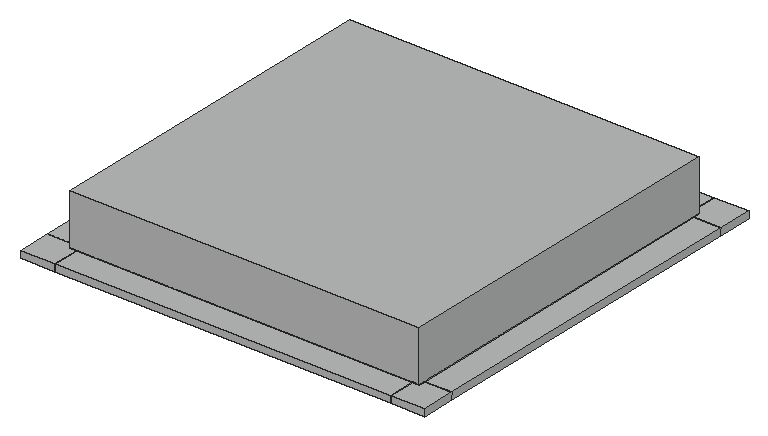
Revit family "ALUMOGIPS", category Осветительные приборы, Revit 2019 (continued)
Types (72, lengths in mm): name | Файл фотометрической сетки | built-in parameter 1150105 | Lumens | built-in parameter 1150106 | built-in parameter 1150142 | Wattage | Emit from Rectangle Width | Emit from Rectangle Length | Длина | Материал светильника | Ширина | ADSK_Ток | ADSK_Полная мощность | ADSK_Обозначение | ADSK_Номинальная мощность | ADSK_Наименование | ADSK_Масса | ADSK_Код изделия
  Alumogips-38/opal-sand 610х610 (IP40, 4000К, серый, грильято) c БАП на 3 часа | "Светильник ALUMOGIPS-38 OPAL-SAND-(610x610).IES" | 302.39 (stored number, unit not read) | 3800 lm | 3.0239 (stored number, unit not read) | "IESNA:LM-63-95\r\n[TEST] Протокол № 50-12 \r\n[DATA] 20.06.2016\r\n[MORE] \r\n[MANUFAC] ЗАО \"Центрстройсвет\"\r\n[LUMCAT]  Светильник ALUMOGIPS-38/OPAL-SAND-(610x610)\r\n[LUMINAIRE]\r\n[LAMPCAT] Светодиоды\r\n[LAMP] Поток источника света (светодиодов) не известен\r\n[MORE] КСС приведена в абсолютных величинах кд\r\n[MORE] Вместо потока лампы, указан поток светильника.\r\nTILT=NONE\r\n1    3750 1.0 37 73 1 2 0.61 0.61 0.04\r\n1.0 1.0 38.7\r\n0.0 5.0 10.0 15.0 20.0 25.0 30.0 35.0 40.0 45.0 50.0 55.0 60.0 65.0 70.0 75.0 80.0 85.0 90.0 95.0 100.0 105.0 110.0 115.0 120.0 125.0 130.0 135.0 140.0 145.0 150.0 155.0 160.0 165.0 170.0 175.0 180.0\r\n0.0 5.0 10.0 15.0 20.0 25.0 30.0 35.0 40.0 45.0 50.0 55.0 60.0 65.0 70.0 75.0 80.0 85.0 90.0 95.0 100.0 105.0 110.0 115.0 120.0 125.0 130.0 135.0 140.0 145.0 150.0 155.0 160.0 165.0 170.0 175.0 180.0 185.0 190.0 195.0 200.0 205.0 210.0 215.0 220.0 225.0 230.0 235.0 240.0 245.0 250.0 255.0 260.0 265.0 270.0 275.0 280.0 285.0 290.0 295.0 300.0 305.0 310.0 315.0 320.0 325.0 330.0 335.0 340.0 345.0 350.0 355.0 360.0\r\n1391.4 1390.6 1365.7 1330.6 1277.5 1214.9 1147.5 1059.6 967.6 873.2 772.4 664.9 556.3 449.1 342.7 240.6 147.1 64.2 4.7 0.0 0.0 0.0 0.0 0.0 0.0 0.0 0.0 0.0 0.0 0.0 0.0 0.0 0.0 0.0 0.0 0.0 0.0\r\n1391.4 1390.5 1367.8 1332.7 1284.3 1221.3 1147.0 1062.1 969.2 872.4 773.2 666.3 557.1 450.1 343.8 241.9 146.9 64.7 5.2 0.0 0.0 0.0 0.0 0.0 0.0 0.0 0.0 0.0 0.0 0.0 0.0 0.0 0.0 0.0 0.0 0.0 0.0\r\n1391.4 1390.2 1372.0 1333.3 1277.3 1216.8 1144.5 1057.4 969.6 875.1 773.8 669.5 560.0 454.6 345.8 242.4 148.5 65.8 5.4 0.0 0.0 0.0 0.0 0.0 0.0 0.0 0.0 0.0 0.0 0.0 0.0 0.0 0.0 0.0 0.0 0.0 0.0\r\n1391.4 1389.8 1371.2 1330.7 1279.5 1220.5 1148.3 1059.9 967.7 873.2 767.5 666.8 561.4 453.0 347.1 243.7 149.9 65.6 5.8 0.0 0.0 0.0 0.0 0.0 0.0 0.0 0.0 0.0 0.0 0.0 0.0 0.0 0.0 0.0 0.0 0.0 0.0\r\n1391.4 1389.8 1368.3 1329.3 1285.0 1214.6 1141.1 1058.7 971.8 871.3 775.2 666.9 559.4 452.6 345.8 242.5 150.0 65.8 6.1 0.0 0.0 0.0 0.0 0.0 0.0 0.0 0.0 0.0 0.0 0.0 0.0 0.0 0.0 0.0 0.0 0.0 0.0\r\n1391.4 1390.5 1367.3 1332.3 1281.7 1219.0 1142.8 1064.6 970.5 874.4 772.1 667.5 560.2 453.0 346.2 241.8 149.4 65.7 5.6 0.0 0.0 0.0 0.0 0.0 0.0 0.0 0.0 0.0 0.0 0.0 0.0 0.0 0.0 0.0 0.0 0.0 0.0\r\n1391.4 1391.4 1368.1 1333.5 1277.3 1215.7 1139.0 1059.6 968.1 872.4 771.6 667.4 558.8 453.3 344.3 243.9 148.4 65.7 5.4 0.0 0.0 0.0 0.0 0.0 0.0 0.0 0.0 0.0 0.0 0.0 0.0 0.0 0.0 0.0 0.0 0.0 0.0\r\n1391.4 1391.7 1368.1 1330.4 1278.2 1213.9 1142.4 1061.6 967.4 875.1 772.0 669.3 561.1 452.5 345.2 242.1 148.3 65.4 5.5 0.0 0.0 0.0 0.0 0.0 0.0 0.0 0.0 0.0 0.0 0.0 0.0 0.0 0.0 0.0 0.0 0.0 0.0\r\n1391.4 1391.5 1371.0 1328.4 1278.5 1216.7 1142.1 1061.2 971.8 874.7 772.1 668.9 560.8 452.9 345.4 243.3 147.7 66.0 5.4 0.0 0.0 0.0 0.0 0.0 0.0 0.0 0.0 0.0 0.0 0.0 0.0 0.0 0.0 0.0 0.0 0.0 0.0\r\n1391.4 1391.5 1373.2 1330.5 1277.3 1215.5 1143.2 1063.6 967.0 872.7 772.2 669.4 558.9 453.2 346.6 241.9 148.1 65.2 5.5 0.0 0.0 0.0 0.0 0.0 0.0 0.0 0.0 0.0 0.0 0.0 0.0 0.0 0.0 0.0 0.0 0.0 0.0\r\n1391.4 1391.4 1369.7 1328.3 1281.3 1216.0 1139.8 1057.9 968.7 875.3 773.9 667.6 561.8 454.0 344.0 243.1 147.2 65.6 5.5 0.0 0.0 0.0 0.0 0.0 0.0 0.0 0.0 0.0 0.0 0.0 0.0 0.0 0.0 0.0 0.0 0.0 0.0\r\n1391.4 1390.5 1367.9 1330.1 1278.1 1218.1 1138.9 1061.0 970.0 871.8 770.4 669.3 560.2 453.4 346.9 242.1 148.3 65.2 5.2 0.0 0.0 0.0 0.0 0.0 0.0 0.0 0.0 0.0 0.0 0.0 0.0 0.0 0.0 0.0 0.0 0.0 0.0\r\n1391.4 1389.3 1368.2 1329.1 1280.8 1214.4 1142.5 1059.2 967.2 874.3 772.4 668.0 563.1 452.3 345.7 242.8 146.8 64.9 5.1 0.0 0.0 0.0 0.0 0.0 0.0 0.0 0.0 0.0 0.0 0.0 0.0 0.0 0.0 0.0 0.0 0.0 0.0\r\n1391.4 1388.6 1367.4 1327.8 1278.0 1215.7 1141.0 1061.0 971.5 877.3 771.2 667.3 561.5 453.0 346.4 242.4 146.3 64.8 5.2 0.0 0.0 0.0 0.0 0.0 0.0 0.0 0.0 0.0 0.0 0.0 0.0 0.0 0.0 0.0 0.0 0.0 0.0\r\n1391.4 1388.0 1367.6 1326.7 1278.3 1218.0 1140.9 1061.5 968.4 873.4 770.1 666.6 562.1 454.6 344.8 241.8 146.4 64.0 5.5 0.0 0.0 0.0 0.0 0.0 0.0 0.0 0.0 0.0 0.0 0.0 0.0 0.0 0.0 0.0 0.0 0.0 0.0\r\n1391.4 1387.2 1366.1 1331.0 1281.4 1216.3 1142.7 1059.1 969.4 871.5 772.2 667.3 560.5 453.0 344.4 242.2 146.4 63.8 5.6 0.0 0.0 0.0 0.0 0.0 0.0 0.0 0.0 0.0 0.0 0.0 0.0 0.0 0.0 0.0 0.0 0.0 0.0\r\n1391.4 1387.1 1366.3 1328.7 1276.9 1214.5 1141.2 1059.3 968.4 874.3 775.5 668.3 562.5 454.9 346.4 241.3 146.2 63.5 5.7 0.0 0.0 0.0 0.0 0.0 0.0 0.0 0.0 0.0 0.0 0.0 0.0 0.0 0.0 0.0 0.0 0.0 0.0\r\n1391.4 1388.4 1366.0 1329.7 1279.2 1217.9 1140.0 1060.5 969.0 873.9 772.0 671.3 560.4 453.2 343.7 241.7 145.8 63.7 5.4 0.0 0.0 0.0 0.0 0.0 0.0 0.0 0.0 0.0 0.0 0.0 0.0 0.0 0.0 0.0 0.0 0.0 0.0\r\n1391.4 1389.6 1367.7 1329.3 1277.2 1211.1 1140.1 1061.0 971.0 871.2 769.2 669.1 561.5 453.1 343.3 241.9 145.8 63.4 5.2 0.0 0.0 0.0 0.0 0.0 0.0 0.0 0.0 0.0 0.0 0.0 0.0 0.0 0.0 0.0 0.0 0.0 0.0\r\n1391.4 1388.8 1366.9 1327.1 1279.4 1214.2 1142.5 1056.4 970.7 870.3 771.0 665.1 560.4 453.3 343.8 241.1 145.7 63.4 5.2 0.0 0.0 0.0 0.0 0.0 0.0 0.0 0.0 0.0 0.0 0.0 0.0 0.0 0.0 0.0 0.0 0.0 0.0\r\n1391.4 1387.2 1365.8 1328.9 1276.6 1210.2 1141.4 1059.3 966.6 871.4 770.5 667.4 559.2 451.4 344.2 241.0 145.6 63.2 5.1 0.0 0.0 0.0 0.0 0.0 0.0 0.0 0.0 0.0 0.0 0.0 0.0 0.0 0.0 0.0 0.0 0.0 0.0\r\n1391.4 1386.8 1364.4 1329.8 1279.4 1213.7 1144.0 1059.0 965.3 873.7 768.8 668.9 559.4 449.5 342.6 241.5 144.6 63.4 5.0 0.0 0.0 0.0 0.0 0.0 0.0 0.0 0.0 0.0 0.0 0.0 0.0 0.0 0.0 0.0 0.0 0.0 0.0\r\n1391.4 1388.1 1365.8 1328.1 1273.8 1213.4 1137.9 1059.2 967.3 869.2 769.3 667.7 558.4 451.4 344.0 240.6 145.7 63.4 4.9 0.0 0.0 0.0 0.0 0.0 0.0 0.0 0.0 0.0 0.0 0.0 0.0 0.0 0.0 0.0 0.0 0.0 0.0\r\n1391.4 1389.2 1364.4 1323.2 1276.3 1213.8 1137.6 1055.3 963.1 871.0 767.7 664.1 559.7 447.1 342.4 240.1 145.2 63.9 5.1 0.0 0.0 0.0 0.0 0.0 0.0 0.0 0.0 0.0 0.0 0.0 0.0 0.0 0.0 0.0 0.0 0.0 0.0\r\n1391.4 1388.4 1362.3 1326.8 1274.4 1212.2 1137.9 1054.7 966.7 867.9 768.7 663.4 557.3 449.2 343.3 240.0 145.7 63.6 5.0 0.0 0.0 0.0 0.0 0.0 0.0 0.0 0.0 0.0 0.0 0.0 0.0 0.0 0.0 0.0 0.0 0.0 0.0\r\n1391.4 1386.2 1361.8 1326.5 1273.3 1211.2 1134.5 1048.6 964.3 866.3 767.8 662.9 556.7 449.5 341.9 239.8 145.7 63.7 5.0 0.0 0.0 0.0 0.0 0.0 0.0 0.0 0.0 0.0 0.0 0.0 0.0 0.0 0.0 0.0 0.0 0.0 0.0\r\n1391.4 1384.4 1363.5 1324.4 1272.0 1209.5 1137.2 1053.0 960.2 867.5 767.9 662.7 556.7 449.2 342.5 239.1 146.2 63.8 4.8 0.0 0.0 0.0 0.0 0.0 0.0 0.0 0.0 0.0 0.0 0.0 0.0 0.0 0.0 0.0 0.0 0.0 0.0\r\n1391.4 1383.7 1362.4 1324.4 1274.0 1209.5 1134.4 1050.1 965.4 864.9 764.6 662.3 556.6 447.9 340.5 240.3 145.5 64.6 4.6 0.0 0.0 0.0 0.0 0.0 0.0 0.0 0.0 0.0 0.0 0.0 0.0 0.0 0.0 0.0 0.0 0.0 0.0\r\n1391.4 1384.4 1361.9 1326.9 1270.2 1207.3 1132.7 1050.1 959.7 867.7 763.1 662.2 555.0 447.3 343.0 238.3 145.8 63.9 4.7 0.0 0.0 0.0 0.0 0.0 0.0 0.0 0.0 0.0 0.0 0.0 0.0 0.0 0.0 0.0 0.0 0.0 0.0\r\n1391.4 1385.1 1363.0 1320.0 1270.4 1207.9 1134.4 1055.0 963.5 867.3 766.7 660.7 555.9 450.1 342.6 240.2 145.9 64.3 4.9 0.0 0.0 0.0 0.0 0.0 0.0 0.0 0.0 0.0 0.0 0.0 0.0 0.0 0.0 0.0 0.0 0.0 0.0\r\n1391.4 1384.9 1362.3 1321.4 1273.1 1208.0 1135.4 1052.3 961.9 865.0 764.0 660.8 553.5 447.6 341.2 240.3 146.1 63.8 4.8 0.0 0.0 0.0 0.0 0.0 0.0 0.0 0.0 0.0 0.0 0.0 0.0 0.0 0.0 0.0 0.0 0.0 0.0\r\n1391.4 1383.8 1361.2 1322.1 1265.1 1211.5 1132.8 1049.3 961.3 863.4 764.0 661.0 550.7 447.9 341.0 240.1 146.2 63.8 4.6 0.0 0.0 0.0 0.0 0.0 0.0 0.0 0.0 0.0 0.0 0.0 0.0 0.0 0.0 0.0 0.0 0.0 0.0\r\n1391.4 1382.8 1359.3 1321.5 1269.3 1206.8 1132.8 1051.1 958.3 863.2 763.1 662.7 553.4 448.0 340.4 240.0 145.8 63.8 4.0 0.0 0.0 0.0 0.0 0.0 0.0 0.0 0.0 0.0 0.0 0.0 0.0 0.0 0.0 0.0 0.0 0.0 0.0\r\n1391.4 1382.6 1359.0 1319.6 1268.1 1204.3 1129.8 1049.0 957.7 861.8 761.7 658.4 554.2 446.1 340.4 239.0 145.6 63.8 3.8 0.0 0.0 0.0 0.0 0.0 0.0 0.0 0.0 0.0 0.0 0.0 0.0 0.0 0.0 0.0 0.0 0.0 0.0\r\n1391.4 1382.8 1358.5 1315.8 1266.5 1202.1 1128.5 1049.2 957.6 860.0 762.1 658.2 549.9 443.8 339.6 238.4 145.7 63.6 3.7 0.0 0.0 0.0 0.0 0.0 0.0 0.0 0.0 0.0 0.0 0.0 0.0 0.0 0.0 0.0 0.0 0.0 0.0\r\n1391.4 1382.2 1360.5 1319.2 1265.9 1204.5 1129.9 1046.9 955.0 862.9 758.9 657.9 552.5 444.9 338.9 238.8 145.3 63.6 3.3 0.0 0.0 0.0 0.0 0.0 0.0 0.0 0.0 0.0 0.0 0.0 0.0 0.0 0.0 0.0 0.0 0.0 0.0\r\n1391.4 1381.1 1361.2 1321.0 1268.1 1203.8 1128.8 1047.4 955.6 863.7 761.1 656.4 551.5 445.2 339.2 238.5 144.7 62.5 3.5 0.0 0.0 0.0 0.0 0.0 0.0 0.0 0.0 0.0 0.0 0.0 0.0 0.0 0.0 0.0 0.0 0.0 0.0\r\n1391.4 1380.6 1359.0 1316.4 1268.5 1204.0 1126.1 1049.5 956.2 859.6 759.7 656.5 549.2 444.3 338.4 236.1 143.8 61.6 3.2 0.0 0.0 0.0 0.0 0.0 0.0 0.0 0.0 0.0 0.0 0.0 0.0 0.0 0.0 0.0 0.0 0.0 0.0\r\n1391.4 1380.7 1356.6 1316.0 1267.0 1205.6 1130.3 1044.8 956.9 856.7 759.3 653.5 548.1 441.9 335.3 235.4 141.4 60.3 2.9 0.0 0.0 0.0 0.0 0.0 0.0 0.0 0.0 0.0 0.0 0.0 0.0 0.0 0.0 0.0 0.0 0.0 0.0\r\n1391.4 1380.4 1354.4 1317.9 1268.8 1199.0 1129.0 1044.0 956.9 860.6 758.3 656.9 549.1 442.0 334.4 236.1 141.7 60.5 2.6 0.0 0.0 0.0 0.0 0.0 0.0 0.0 0.0 0.0 0.0 0.0 0.0 0.0 0.0 0.0 0.0 0.0 0.0\r\n1391.4 1380.1 1356.7 1322.1 1264.6 1201.7 1129.9 1047.4 957.2 859.7 758.2 656.1 549.4 442.8 335.3 235.8 141.3 60.6 2.3 0.0 0.0 0.0 0.0 0.0 0.0 0.0 0.0 0.0 0.0 0.0 0.0 0.0 0.0 0.0 0.0 0.0 0.0\r\n1391.4 1379.9 1357.3 1317.5 1265.9 1207.8 1129.2 1046.5 955.7 860.2 758.6 656.9 550.7 441.9 335.4 233.9 140.6 60.2 2.4 0.0 0.0 0.0 0.0 0.0 0.0 0.0 0.0 0.0 0.0 0.0 0.0 0.0 0.0 0.0 0.0 0.0 0.0\r\n1391.4 1379.2 1355.5 1314.6 1269.3 1203.7 1133.5 1044.8 957.2 857.9 762.0 656.6 548.7 440.4 335.9 234.5 140.4 59.8 2.8 0.0 0.0 0.0 0.0 0.0 0.0 0.0 0.0 0.0 0.0 0.0 0.0 0.0 0.0 0.0 0.0 0.0 0.0\r\n1391.4 1377.9 1357.1 1319.2 1271.9 1204.4 1128.6 1050.2 953.1 856.9 757.6 653.7 548.9 439.9 335.4 232.4 140.5 59.2 3.0 0.0 0.0 0.0 0.0 0.0 0.0 0.0 0.0 0.0 0.0 0.0 0.0 0.0 0.0 0.0 0.0 0.0 0.0\r\n1391.4 1377.2 1356.3 1322.9 1266.0 1204.8 1132.2 1049.0 958.1 859.3 759.0 654.6 547.0 441.6 334.9 232.1 139.3 58.8 2.9 0.0 0.0 0.0 0.0 0.0 0.0 0.0 0.0 0.0 0.0 0.0 0.0 0.0 0.0 0.0 0.0 0.0 0.0\r\n1391.4 1377.8 1353.8 1319.7 1269.6 1207.9 1135.8 1049.5 955.8 858.0 762.4 655.9 548.2 441.6 335.6 231.7 139.4 58.8 2.8 0.0 0.0 0.0 0.0 0.0 0.0 0.0 0.0 0.0 0.0 0.0 0.0 0.0 0.0 0.0 0.0 0.0 0.0\r\n1391.4 1378.5 1355.2 1319.8 1267.3 1206.5 1131.2 1046.1 954.6 861.2 756.6 653.8 548.1 440.3 335.0 232.6 138.6 59.0 2.9 0.0 0.0 0.0 0.0 0.0 0.0 0.0 0.0 0.0 0.0 0.0 0.0 0.0 0.0 0.0 0.0 0.0 0.0\r\n1391.4 1378.6 1355.1 1318.3 1269.7 1200.8 1133.1 1049.0 957.6 862.5 762.4 656.9 549.3 443.5 334.7 231.2 138.8 58.1 3.0 0.0 0.0 0.0 0.0 0.0 0.0 0.0 0.0 0.0 0.0 0.0 0.0 0.0 0.0 0.0 0.0 0.0 0.0\r\n1391.4 1378.8 1355.8 1321.7 1268.8 1210.0 1129.0 1048.5 958.8 862.4 762.2 656.4 549.0 441.1 335.4 231.5 138.5 58.1 3.0 0.0 0.0 0.0 0.0 0.0 0.0 0.0 0.0 0.0 0.0 0.0 0.0 0.0 0.0 0.0 0.0 0.0 0.0\r\n1391.4 1379.6 1357.6 1321.7 1269.0 1207.1 1133.9 1047.0 964.1 863.3 761.9 656.4 551.5 440.7 334.9 232.2 137.6 58.1 2.8 0.0 0.0 0.0 0.0 0.0 0.0 0.0 0.0 0.0 0.0 0.0 0.0 0.0 0.0 0.0 0.0 0.0 0.0\r\n1391.4 1380.6 1357.7 1319.2 1272.0 1207.5 1131.3 1054.6 959.0 863.3 764.8 655.9 549.1 443.0 335.1 231.3 138.0 58.1 2.7 0.0 0.0 0.0 0.0 0.0 0.0 0.0 0.0 0.0 0.0 0.0 0.0 0.0 0.0 0.0 0.0 0.0 0.0\r\n1391.4 1381.5 1358.5 1321.9 1271.0 1204.1 1135.9 1055.8 962.5 865.5 761.1 656.9 550.6 442.0 335.3 231.9 137.4 57.9 2.6 0.0 0.0 0.0 0.0 0.0 0.0 0.0 0.0 0.0 0.0 0.0 0.0 0.0 0.0 0.0 0.0 0.0 0.0\r\n1391.4 1381.3 1358.5 1322.3 1270.8 1207.2 1133.7 1051.9 958.0 867.3 767.5 657.0 552.1 442.3 333.6 231.2 137.9 57.8 2.6 0.0 0.0 0.0 0.0 0.0 0.0 0.0 0.0 0.0 0.0 0.0 0.0 0.0 0.0 0.0 0.0 0.0 0.0\r\n1391.4 1380.6 1359.4 1319.7 1270.6 1209.0 1133.0 1052.1 963.9 867.5 764.1 660.0 554.0 443.3 334.8 231.7 137.6 57.8 2.7 0.0 0.0 0.0 0.0 0.0 0.0 0.0 0.0 0.0 0.0 0.0 0.0 0.0 0.0 0.0 0.0 0.0 0.0\r\n1391.4 1381.3 1359.9 1321.3 1270.6 1204.8 1135.0 1051.3 962.1 865.5 761.7 660.3 553.1 443.5 334.1 231.9 137.9 57.8 2.8 0.0 0.0 0.0 0.0 0.0 0.0 0.0 0.0 0.0 0.0 0.0 0.0 0.0 0.0 0.0 0.0 0.0 0.0\r\n1391.4 1383.1 1362.1 1324.8 1273.8 1208.7 1134.8 1055.9 961.8 866.4 762.3 659.7 552.4 443.7 334.4 232.8 138.0 58.0 2.8 0.0 0.0 0.0 0.0 0.0 0.0 0.0 0.0 0.0 0.0 0.0 0.0 0.0 0.0 0.0 0.0 0.0 0.0\r\n1391.4 1384.6 1360.4 1321.7 1272.0 1210.6 1130.9 1052.5 963.1 866.7 767.4 659.3 553.7 444.6 335.4 233.1 138.3 58.0 2.8 0.0 0.0 0.0 0.0 0.0 0.0 0.0 0.0 0.0 0.0 0.0 0.0 0.0 0.0 0.0 0.0 0.0 0.0\r\n1391.4 1385.6 1357.5 1324.7 1273.9 1211.6 1134.3 1052.7 963.6 865.4 763.1 658.7 552.2 444.9 336.9 232.8 138.8 58.6 2.9 0.0 0.0 0.0 0.0 0.0 0.0 0.0 0.0 0.0 0.0 0.0 0.0 0.0 0.0 0.0 0.0 0.0 0.0\r\n1391.4 1386.4 1357.8 1323.4 1273.2 1212.2 1136.3 1054.7 967.5 867.5 764.0 659.4 553.3 443.7 336.8 233.2 138.9 58.5 3.1 0.0 0.0 0.0 0.0 0.0 0.0 0.0 0.0 0.0 0.0 0.0 0.0 0.0 0.0 0.0 0.0 0.0 0.0\r\n1391.4 1386.6 1362.0 1324.9 1273.2 1211.3 1139.0 1049.9 960.3 866.4 768.0 661.3 552.2 443.4 336.3 233.4 139.8 58.9 3.1 0.0 0.0 0.0 0.0 0.0 0.0 0.0 0.0 0.0 0.0 0.0 0.0 0.0 0.0 0.0 0.0 0.0 0.0\r\n1391.4 1386.0 1360.5 1326.0 1271.8 1212.0 1137.2 1059.3 963.5 867.6 766.9 661.2 552.3 445.8 337.8 233.6 141.0 59.2 3.3 0.0 0.0 0.0 0.0 0.0 0.0 0.0 0.0 0.0 0.0 0.0 0.0 0.0 0.0 0.0 0.0 0.0 0.0\r\n1391.4 1385.0 1362.3 1325.1 1272.0 1207.1 1138.5 1053.6 964.5 865.8 766.5 661.6 554.3 445.9 337.0 234.5 140.4 60.2 3.5 0.0 0.0 0.0 0.0 0.0 0.0 0.0 0.0 0.0 0.0 0.0 0.0 0.0 0.0 0.0 0.0 0.0 0.0\r\n1391.4 1384.4 1361.8 1323.6 1274.0 1214.8 1138.9 1053.9 968.0 867.9 769.0 663.8 555.6 446.7 339.6 235.0 141.3 60.4 3.4 0.0 0.0 0.0 0.0 0.0 0.0 0.0 0.0 0.0 0.0 0.0 0.0 0.0 0.0 0.0 0.0 0.0 0.0\r\n1391.4 1385.0 1360.9 1322.2 1272.4 1209.8 1137.2 1055.7 962.7 869.7 769.6 658.2 556.6 447.4 338.5 236.2 142.5 60.7 3.4 0.0 0.0 0.0 0.0 0.0 0.0 0.0 0.0 0.0 0.0 0.0 0.0 0.0 0.0 0.0 0.0 0.0 0.0\r\n1391.4 1386.6 1363.1 1323.6 1272.5 1211.5 1139.2 1058.4 969.9 868.0 768.8 664.6 556.3 445.8 342.1 236.1 142.3 61.2 3.5 0.0 0.0 0.0 0.0 0.0 0.0 0.0 0.0 0.0 0.0 0.0 0.0 0.0 0.0 0.0 0.0 0.0 0.0\r\n1391.4 1388.6 1360.9 1330.2 1273.7 1213.2 1138.7 1058.3 966.2 867.0 766.8 663.4 553.3 447.1 339.2 238.7 143.0 61.4 3.8 0.0 0.0 0.0 0.0 0.0 0.0 0.0 0.0 0.0 0.0 0.0 0.0 0.0 0.0 0.0 0.0 0.0 0.0\r\n1391.4 1389.8 1360.8 1328.4 1276.8 1216.0 1140.1 1055.8 963.1 870.3 768.4 663.1 554.0 449.1 340.1 237.3 144.8 61.7 3.8 0.0 0.0 0.0 0.0 0.0 0.0 0.0 0.0 0.0 0.0 0.0 0.0 0.0 0.0 0.0 0.0 0.0 0.0\r\n1391.4 1389.3 1362.5 1325.9 1278.0 1210.4 1138.2 1054.7 967.8 872.7 770.2 661.9 556.5 446.9 341.3 237.7 144.4 62.5 3.9 0.0 0.0 0.0 0.0 0.0 0.0 0.0 0.0 0.0 0.0 0.0 0.0 0.0 0.0 0.0 0.0 0.0 0.0\r\n1391.4 1387.8 1365.8 1326.6 1274.3 1213.2 1141.4 1053.1 966.2 871.2 768.4 663.7 555.0 447.1 341.3 238.2 144.3 62.7 4.1 0.0 0.0 0.0 0.0 0.0 0.0 0.0 0.0 0.0 0.0 0.0 0.0 0.0 0.0 0.0 0.0 0.0 0.0\r\n1391.4 1387.2 1364.2 1328.3 1274.8 1209.4 1145.0 1060.0 963.9 867.5 766.5 663.4 556.7 448.2 340.9 240.3 144.7 63.3 4.0 0.0 0.0 0.0 0.0 0.0 0.0 0.0 0.0 0.0 0.0 0.0 0.0 0.0 0.0 0.0 0.0 0.0 0.0\r\n1391.4 1388.4 1364.9 1332.6 1279.0 1215.6 1140.9 1056.3 969.3 867.1 770.0 663.8 559.0 449.0 342.4 240.3 145.7 63.3 4.7 0.0 0.0 0.0 0.0 0.0 0.0 0.0 0.0 0.0 0.0 0.0 0.0 0.0 0.0 0.0 0.0 0.0 0.0\r\n1391.4 1390.0 1364.5 1329.3 1281.4 1217.7 1141.3 1063.3 970.3 871.1 768.8 663.5 555.2 449.3 342.4 239.8 146.6 63.3 4.9 0.0 0.0 0.0 0.0 0.0 0.0 0.0 0.0 0.0 0.0 0.0 0.0 0.0 0.0 0.0 0.0 0.0 0.0\r\n1391.4 1390.6 1365.7 1330.6 1277.5 1214.9 1147.5 1059.6 967.6 873.2 772.4 664.9 556.3 449.1 342.7 240.6 147.1 64.2 4.7 0.0 0.0 0.0 0.0 0.0 0.0 0.0 0.0 0.0 0.0 0.0 0.0 0.0 0.0 0.0 0.0 0.0 0.0\r\n" | 25.582 W | 590 | 590 | 610 | RAL 9006 | 610 | 0.179584 A | 41.3043 VA | "Alumogips-38/opal-sand 610х610 (IP40, 4000К, серый, грильято)" | 38 W | "Встраиваемый светодиодный светильник Alumogips-38/opal-sand 610х610 (IP40, 4000К, серый, грильято) c
     БАП на 3 часа" | 2.4 | "ЦБ000007821"
